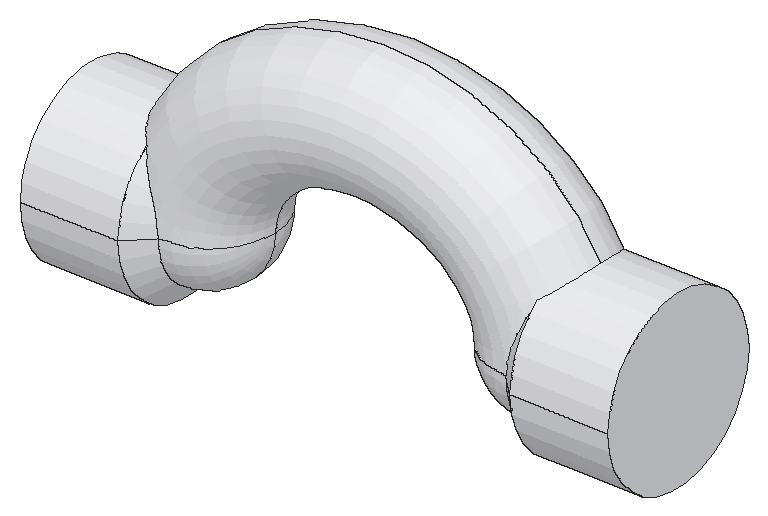
Revit family "PF_Соединение [фитинг полипропиленовый - обвод короткий с муфтами VTp.776.S]2 - VALTEC", category Соединительные детали трубопроводов, Revit 2019
Family settings
  Размер круглого соединителя = Использовать диаметр
  Тип детали = Соединение
  На основе рабочей плоскости = Нет
  Всегда вертикально = Да
  При загрузке вырезать с полостями = Нет
  Общий = Нет
Parameters (values of type "VTp.776.S")
  Таблица = "PF_Соединение [фитинг полипропиленовый - обвод короткий с муфтами VTp.776.S] - VALTEC"  # constant formula
  built-in parameter 1114238 [instance] = (empty or 0)
  Manufacturer = ""
  r [instance] = d / 2  # 10 mm
  l [instance] = H - d / 2 - dn / 2  # 21.6 mm
  dn [instance] = size_lookup(Таблица, "dn", 0 mm, d)  # 26.8 mm
  dt [instance] = size_lookup(Таблица, "dt", 0 mm, d)  # 3.4 mm
  d [instance] = 20 mm
  b [instance] = size_lookup(Таблица, "b", 0 mm, d)  # 15 mm
  URL = "https://valtec.ru/"
  H [instance] = size_lookup(Таблица, "H", 0 mm, d)  # 45 mm
  ADSK_Примечание [instance] = ""
  ADSK_Позиция [instance] = ""
  ADSK_Обозначение [instance] = "VTp.776.S"  # constant formula
  ADSK_Наименование [instance] = size_lookup(Таблица, "", "Данный типоразмер отсутствует", d)  # "Обвод полипропиленовый с муфтами, 20 мм"
  ADSK_Материал = Пластик белый - VALTEC
  ADSK_Масса [instance] = 0
  ADSK_Марка [instance] = size_lookup(Таблица, "Маркировка", "Данный типоразмер отсутствует", d)  # "20"
  ADSK_Код изделия [instance] = size_lookup(Таблица, "Код продукта", "Данный типоразмер отсутствует", d)  # "VTp.776.S.020"
  ADSK_Завод-изготовитель [instance] = "VALTEC"  # constant formula
  ADSK_Единица измерения [instance] = "шт."  # constant formula
  ADSK_URL страницы изделия = "https://valtec.ru/catalog/sistemy_polipropilenovyh_truboprovodov/polipropilenovye_fitingi/obvod_polipropilenovyj_s_muftami_korotkij_vtp776s.html"
  ADSK_URL документации изделия = "https://valtec.ru/document/technical/VTp.700-fitingi-0419.pdf"
  A [instance] = size_lookup(Таблица, "A", 0 mm, d)  # 90 mm
Reference planes
  plane 1 "По центру (Вперед/Назад)": y = 0
  plane 2: z = 0
  plane 3 "По центру (Влево/Вправо)": x = 0
  plane 4: x = -45
  plane 5: x = 45
  plane 6: x = -30
  plane 7: x = -26.6
  plane 8: x = 30
  plane 9: x = 26.6
  plane 10: z = 31.6
  plane 11: z = 13.4
  plane 12: z = -13.4
Forms (mm)
  Extrusion 1, solid, material "Пластик белый - VALTEC" <- "ADSK_Материал", detail levels medium+fine
    sketch origin (0, 0, 0) x (0, 1, 0) y (0, 0, 1)
      loop
        circle (0, 0) r 13.4
    from -45 to -30
  Extrusion 2, solid, material "Пластик белый - VALTEC" <- "ADSK_Материал", detail levels medium+fine
    sketch origin (0, 0, 0) x (0, 1, 0) y (0, 0, 1)
      loop
        circle (0, 0) r 13.4
    from 30 to 45
  Blend 3, solid, material "Пластик белый - VALTEC" <- "ADSK_Материал", detail levels medium+fine
    base sketch origin (0, 0, 0) x (0, 1, 0) y (0, 0, 1)
      loop
        circle (0, 0) r 13.4
    top sketch origin (0, 0, 0) x (0, 1, 0) y (0, 0, 1)
      loop
        circle (0, 0) r 10
    from -30 to -26.6
  Blend 4, solid, material "Пластик белый - VALTEC" <- "ADSK_Материал", detail levels medium+fine
    base sketch origin (0, 0, 0) x (0, 1, 0) y (0, 0, -1)
      loop
        circle (0, 0) r 13.4
    top sketch origin (0, 0, 0) x (0, 1, 0) y (0, 0, -1)
      loop
        circle (0, 0) r 10
    from -30 to -26.6
  Sweep 5, solid, material "Пластик белый - VALTEC" <- "ADSK_Материал", detail levels medium+fine
    path origin (0, 0, 0) x (1, 0, 0) y (0, 0, 1)
      loop
        spline (-26.6, 0) -> (-25.694, 5.59) -> (-23.036, 10.8) -> (-18.809, 15.274) -> (-13.3, 18.706) -> (-6.885, 20.864) -> (0, 21.6) -> (6.885, 20.864) -> (13.3, 18.706) -> (18.809, 15.274) -> (23.036, 10.8) -> (25.694, 5.59) -> (26.6, 0)
    profile origin (0, 0, 21.6) x (0, 0, 1) y (0, -1, 0)
      loop
        circle (0, 0) r 10
  Revolve 6, solid, material "Пластик белый - VALTEC" <- "ADSK_Материал", detail levels medium+fine
    sketch origin (0, 0, 0) x (1, 0, 0) y (0, 0, 1)
      loop
        line (-36.6, 0) -> (-16.6, 0)
        arc (-16.6, 0) -> (-26.6, 10) -> (-36.6, 0) r 10
      axis (-36.6, 0) -> (-16.6, 0)
    angle from 0 to 360
  Revolve 7, solid, material "Пластик белый - VALTEC" <- "ADSK_Материал", detail levels medium+fine
    sketch origin (0, 0, 0) x (1, 0, 0) y (0, 0, 1)
      loop
        line (16.6, 0) -> (36.6, 0)
        arc (36.6, 0) -> (26.6, 10) -> (16.6, 0) r 10
      axis (16.6, 0) -> (36.6, 0)
    angle from 0 to 360
Cuts and joins
  joined: Extrusion 1, Extrusion 2, Blend 3, Blend 4, Sweep 5, Revolve 6, Revolve 7
Lines and regions (mm)
  model lines, detail levels coarse
    curve 1: line (-45, 0, 0) -> (-26.6, 0, 0)
    curve 2: line (45, 0, 0) -> (26.6, 0, 0)
    curve 3: spline (-26.6, 0, 0) -> (-25.694, 0, 5.59) -> (-23.036, 0, 10.8) -> (-18.809, 0, 15.274) -> (-13.3, 0, 18.706) -> (-6.885, 0, 20.864) -> (0, 0, 21.6) -> (6.885, 0, 20.864) -> (13.3, 0, 18.706) -> (18.809, 0, 15.274) -> (23.036, 0, 10.8) -> (25.694, 0, 5.59) -> (26.6, 0, 0)
Dimensions and locks
  equal spacing: plane 4, plane 3 "По центру (Влево/Вправо)", plane 5
  "A": plane 4 to plane 5
  "b": plane 4 to plane 6
  "dt": plane 6 to plane 7
  "b": plane 5 to plane 8
  "dt": plane 8 to plane 9
  "l": curve 2 to Sweep 5 sketch curve
  "l": curve 2 to curve 3
  equal spacing: plane 11, plane 2, plane 12
  "dn": plane 11 to plane 12
  "H": plane 10 to plane 12
  "dn": diameter of Extrusion 1 sketch curve
  "dn": diameter of Extrusion 2 sketch curve
  "dn": diameter of Blend 3 sketch curve
  "d": diameter of Blend 3 sketch curve
  "dn": diameter of Blend 4 sketch curve
  "d": diameter of Blend 4 sketch curve
  "d": diameter of Sweep 5 sketch curve
  "r": radius of Revolve 6 sketch curve
  "r": radius of Revolve 7 sketch curve
  aligned and locked: level to plane 2
  aligned and locked: plane 2 to Extrusion 1 sketch curve
  aligned and locked: plane 1 "По центру (Вперед/Назад)" to Extrusion 1 sketch curve
  aligned and locked: plane 2 to Extrusion 2 sketch curve
  aligned and locked: plane 1 "По центру (Вперед/Назад)" to Extrusion 2 sketch curve
  aligned and locked: plane 6 to Extrusion 1
  aligned and locked: Extrusion 1 to plane 4
  aligned and locked: plane 8 to Extrusion 2
  aligned and locked: Extrusion 2 to plane 5
  aligned and locked: plane 2 to Blend 3 sketch curve  (x2)
  aligned and locked: plane 1 "По центру (Вперед/Назад)" to Blend 3 sketch curve  (x2)
  aligned and locked: plane 2 to Blend 4 sketch curve
  aligned and locked: plane 1 "По центру (Вперед/Назад)" to Blend 4 sketch curve
  aligned and locked: plane 7 to Blend 3
  aligned and locked: plane 9 to Blend 4
  aligned and locked: Blend 4 to plane 8
  aligned and locked: plane 9 to curve 2
  aligned and locked: plane 5 to curve 2
  aligned and locked: plane 2 to curve 2
  aligned and locked: plane 7 to curve 1
  aligned and locked: plane 4 to curve 1
  aligned and locked: curve 1 to plane 2
  aligned and locked: plane 3 "По центру (Влево/Вправо)" to Sweep 5 sketch curve
  aligned and locked: plane 2 to Sweep 5 sketch curve
  aligned and locked: plane 2 to Revolve 6 sketch curve
  aligned and locked: plane 7 to Revolve 6 sketch curve
  aligned and locked: Revolve 6 sketch curve to plane 2
  aligned and locked: plane 2 to Revolve 7 sketch curve  (x2)
  aligned and locked: plane 9 to Revolve 7 sketch curve
  aligned and locked: Revolve 7 sketch curve to plane 2
  aligned and locked: Blend 3 to plane 6
Automatic sketch dimensions
  Blend 4 sketch curve to level = 0 mm
  Blend 4 sketch curve to plane 1 "По центру (Вперед/Назад)" = 0 mm
  Sweep 5 sketch curve to plane 1 "По центру (Вперед/Назад)" = 0 mm
  profile plane to Sweep 5 sketch curve = 0 mm
  Sweep 5 sketch curve to plane 7 = 0 mm
  Revolve 6 sketch curve to plane 4 = 1451.53 mm
  Revolve 6 sketch curve to plane 5 = 1784.148 mm
  Revolve 7 sketch curve to plane 4 = 1451.53 mm
  Revolve 7 sketch curve to plane 5 = 1784.148 mm
Connectors
  piping at (-45, 0, 0), diameter 20, driven by "d"
    settings: on cut or joined group of Extrusion 1, Extrusion 2, Blend 3, Blend 4, Sweep 5, Revolve 6, Revolve 7, index 1, connector inside diameter 609.6 mm, connector length 0 mm, flow factor 0, pipe flow 0.0 L/s, pressure drop 0.0 Pa, fitting loss kfactor 0, connector angle 0.00°, fixture units 0, engagement length 0 mm, angle of deflection 0.00°, flow configuration 0, flow direction 0, fitting loss method 0, system type 28, joint type 0, gender type 0, connector reference index 2, connector utility 0, adjustable connector no, is connector primary yes, connector description ""
  piping at (45, 0, 0), diameter 20, driven by "d"
    settings: on cut or joined group of Extrusion 1, Extrusion 2, Blend 3, Blend 4, Sweep 5, Revolve 6, Revolve 7, index 2, connector inside diameter 609.6 mm, connector length 0 mm, flow factor 0, pipe flow 0.0 L/s, pressure drop 0.0 Pa, fitting loss kfactor 0, connector angle 0.00°, fixture units 0, engagement length 0 mm, angle of deflection 0.00°, flow configuration 0, flow direction 0, fitting loss method 0, system type 28, joint type 0, gender type 0, connector reference index 1, connector utility 0, adjustable connector no, is connector primary no, connector description ""
